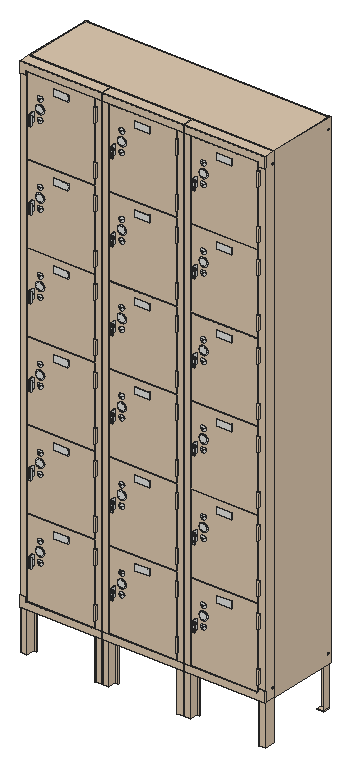
Revit family "Metal_Vented_Lockers-Salsbury_Industries-75000_76000_Series-3_Wide_Units", category Specialty Equipment, Revit 2022 (continued)
Nested families (in)
  nested 21: "Metal Locker Sloping Corner Filler" at (-19.1475, 1.8245, 77.71223), type <- "Sloping Top Corner Filler - Left Side", type "None"
  nested 22: "Vented Metal Locker Doors-12 inch with Latch Hasps" at (11.99976, -5.555, 7.09027), type <- "Door Location D1", type "Six Tier Door - 6 foot"
  nested 23: "Vented Metal Locker Doors-12 inch with Latch Hasps" at (-0.01383, -5.555, 7.09027), type <- "Door Location D1", type "Six Tier Door - 6 foot"
  nested 24: "Vented Metal Locker Doors-12 inch with Latch Hasps" at (-12.02717, -5.555, 7.09027), type <- "Door Location D1", type "Six Tier Door - 6 foot"
  nested 25: "Metal Locker Sloping Hood" at (4.595, 2.137, 78), type <- "Sloping Hood", type "None"
  nested 26: "Vented Metal Locker Doors-12 inch with Latch Hasps" at (11.99976, -5.555, 18.74776), type <- "Door Location D1", type "Six Tier Door - 6 foot"
  nested 27: "Vented Metal Locker Doors-12 inch with Latch Hasps" at (-0.01383, -5.555, 18.74776), type <- "Door Location D1", type "Six Tier Door - 6 foot"
  nested 28: "Vented Metal Locker Doors-12 inch with Latch Hasps" at (-12.02717, -5.555, 18.74776), type <- "Door Location D1", type "Six Tier Door - 6 foot"
  nested 29: "Vented Metal Locker Doors-12 inch with Latch Hasps" at (11.99976, -5.555, 30.40676), type <- "Door Location D1", type "Six Tier Door - 6 foot"
  nested 30: "Vented Metal Locker Doors-12 inch with Latch Hasps" at (-0.01383, -5.555, 30.40676), type <- "Door Location D1", type "Six Tier Door - 6 foot"
  nested 31: "Vented Metal Locker Doors-12 inch with Latch Hasps" at (-12.02717, -5.555, 30.40676), type <- "Door Location D1", type "Six Tier Door - 6 foot"
  nested 32: "Vented Metal Locker Doors-12 inch with Latch Hasps" at (11.99976, -5.555, 42.06376), type <- "Door Location D1", type "Six Tier Door - 6 foot"
  nested 33: "Vented Metal Locker Doors-12 inch with Latch Hasps" at (-0.01383, -5.555, 42.06376), type <- "Door Location D1", type "Six Tier Door - 6 foot"
  nested 34: "Vented Metal Locker Doors-12 inch with Latch Hasps" at (-12.02717, -5.555, 42.06376), type <- "Door Location D1", type "Six Tier Door - 6 foot"
  nested 35: "Vented Metal Locker Doors-12 inch with Latch Hasps" at (11.99976, -5.555, 53.72076), type <- "Door Location D1", type "Six Tier Door - 6 foot"
  nested 36: "Vented Metal Locker Doors-12 inch with Latch Hasps" at (-0.01383, -5.555, 53.72076), type <- "Door Location D1", type "Six Tier Door - 6 foot"
  nested 37: "Vented Metal Locker Doors-12 inch with Latch Hasps" at (-12.02717, -5.555, 53.72076), type <- "Door Location D1", type "Six Tier Door - 6 foot"
  nested 38: "Vented Metal Locker Doors-12 inch with Latch Hasps" at (11.99976, -5.555, 65.37776), type <- "Door Location D1", visible <- "Top Row of Doors", type "Six Tier Door - 6 foot"
  nested 39: "Vented Metal Locker Doors-12 inch with Latch Hasps" at (-0.01383, -5.555, 65.37776), type <- "Door Location D1", visible <- "Top Row of Doors", type "Six Tier Door - 6 foot"
  nested 40: "Vented Metal Locker Doors-12 inch with Latch Hasps" at (-12.02717, -5.555, 65.37776), type <- "Door Location D1", visible <- "Top Row of Doors", type "Six Tier Door - 6 foot"
  nested 41: "Vents" at (18.02, -2.385, 4.96051) x (0, 1, 0) z (0, 0, 1), type <- "Vent Configuration Height", type "6 foot high vents"
  nested 42: "Vents" at (18.02, -1.791, 5.80051) x (0, 1, 0) z (0, 0, 1), type <- "Vent Configuration Height", type "6 foot high vents"
  nested 43: "Vents" at (18.02, -1.198, 4.96051) x (0, 1, 0) z (0, 0, 1), type <- "Vent Configuration Height", type "6 foot high vents"
  nested 44: "Vents" at (18.02, -0.011, 4.96051) x (0, 1, 0) z (0, 0, 1), type <- "Vent Configuration Height", type "6 foot high vents"
  nested 45: "Vents" at (18.02, 1.176, 4.96051) x (0, 1, 0) z (0, 0, 1), type <- "Vent Configuration Height", type "6 foot high vents"
  nested 46: "Vents" at (18.02, 2.363, 4.96051) x (0, 1, 0) z (0, 0, 1), type <- "Vent Configuration Height", type "6 foot high vents"
  nested 47: "Vents" at (18.02, 3.55, 4.96051) x (0, 1, 0) z (0, 0, 1), type <- "Vent Configuration Height", type "6 foot high vents"
  nested 48: "Vents" at (18.02, -0.604, 5.80051) x (0, 1, 0) z (0, 0, 1), type <- "Vent Configuration Height", type "6 foot high vents"
  nested 49: "Vents" at (18.02, 0.583, 5.80051) x (0, 1, 0) z (0, 0, 1), type <- "Vent Configuration Height", type "6 foot high vents"
  nested 50: "Vents" at (18.02, 1.77, 5.80051) x (0, 1, 0) z (0, 0, 1), type <- "Vent Configuration Height", type "6 foot high vents"
  nested 51: "Vents" at (18.02, 2.957, 5.80051) x (0, 1, 0) z (0, 0, 1), type <- "Vent Configuration Height", type "6 foot high vents"
  nested 52: "Vents" at (-18.02, -2.385, 4.96051) x (0, 1, 0) z (0, 0, 1), type <- "Vent Configuration Height", type "6 foot high vents"
  nested 53: "Vents" at (-18.02, -1.791, 5.80051) x (0, 1, 0) z (0, 0, 1), type <- "Vent Configuration Height", type "6 foot high vents"
  nested 54: "Vents" at (-18.02, -1.198, 4.96051) x (0, 1, 0) z (0, 0, 1), type <- "Vent Configuration Height", type "6 foot high vents"
  nested 55: "Vents" at (-18.02, -0.011, 4.96051) x (0, 1, 0) z (0, 0, 1), type <- "Vent Configuration Height", type "6 foot high vents"
  nested 56: "Vents" at (-18.02, 1.176, 4.96051) x (0, 1, 0) z (0, 0, 1), type <- "Vent Configuration Height", type "6 foot high vents"
  nested 57: "Vents" at (-18.02, 2.363, 4.96051) x (0, 1, 0) z (0, 0, 1), type <- "Vent Configuration Height", type "6 foot high vents"
  nested 58: "Vents" at (-18.02, 3.55, 4.96051) x (0, 1, 0) z (0, 0, 1), type <- "Vent Configuration Height", type "6 foot high vents"
  nested 59: "Vents" at (-18.02, -0.604, 5.80051) x (0, 1, 0) z (0, 0, 1), type <- "Vent Configuration Height", type "6 foot high vents"
  nested 60: "Vents" at (-18.02, 0.583, 5.80051) x (0, 1, 0) z (0, 0, 1), type <- "Vent Configuration Height", type "6 foot high vents"
  nested 61: "Vents" at (-18.02, 1.77, 5.80051) x (0, 1, 0) z (0, 0, 1), type <- "Vent Configuration Height", type "6 foot high vents"
  nested 62: "Vents" at (-18.02, 2.957, 5.80051) x (0, 1, 0) z (0, 0, 1), type <- "Vent Configuration Height", type "6 foot high vents"
Definition of nested family "Metal Locker Legs - 3 Wide"
  Parameters (values of type "6" High - 45"W x 18"D")
    Width = 45.040"
    Visible = yes
    Version = "1.0 (11/30/15)"
    Type Comments = "Standard Metal Locker Legs"
    Primary Structure Material = none
    Model = "n/a"
    MasterFormat Title = ""
    MasterFormat Number = ""
    Manufacturer = "Salsbury Industries"
    Description = "45\"W x 6\" H x 18\"D"
    Depth = 18.010"
    Height = 6.000"
    Default Elevation = 0.000"
    Assembly Code = ""
  Types (6): name | Width | Visible | Type Comments | Description | Depth
    6" High - 36" W x 12" D | 36.040" | yes | "Standard Metal Locker Legs" | "36\"W x 6\" H x 12\"D" | 12.010"
    6" High - 36" W x 15" D | 36.040" | yes | "Standard Metal Locker Legs" | "36\"W x 6\" H x 15\"D" | 15.010"
    6" High - 36"W x 18"D | 36.040" | yes | "Standard Metal Locker Legs" | "36\"W x 6\" H x 18\"D" | 18.010"
    6" High - 45"W x 15"D | 45.040" | yes | "Standard Metal Locker Legs" | "45\"W x 6\" H x 15\"D" | 15.010"
    6" High - 45"W x 18"D | 45.040" | yes | "Standard Metal Locker Legs" | "45\"W x 6\" H x 18\"D" | 18.010"
    No Legs | 36.040" | no | "No Legs" | "" | 12.010"
  Reference planes (in)
    plane 1 "Center (Front/Back)": y = 0
    plane 2: z = 0
    plane 3 "Center (Left/Right)": x = 0
    plane 4 "Floor": z = 0
    plane 5 "Bottom of Unit": z = 6
    plane 6 "Left Side of Unit": x = -22.52
    plane 7 "Right Side of Unit": x = 22.52
    plane 8 "Back of Unit": y = 9.005
    plane 9 "Front of Unit": y = -9.005
    plane 10 "Right Side of Door Opening": x = 21.52
    plane 11 "Left Side of Door Opening": x = -21.52
    plane 12 "Top of back legs": z = 6.185
    plane 13 "Back Edge of Front Facing": y = -7.417
    plane 14 "Inside Edge of Front Leg": x = -21.08
    plane 15 "Inside Edge of Right Leg": x = 21.08
    plane 16: y = -7.82
    plane 17 "Back Edge of Rear Legs": y = 8.895
    plane 18 "Right Edge of Rear Right Leg": x = 22.4
    plane 19 "Left Edge or Rear Left Leg": x = -22.4
    plane 20: y = 7.895
    plane 21 "Inside Edge or Rear Right Leg": x = 21.4
    plane 22 "Inside Edge or Left Rear Leg": x = -21.4
    plane 23: x = 7.50667
    plane 24: x = -7.50667
  Forms (in)
    Extrusion 1, solid, material <- "Primary Structure Material", visible <- "Visible"
      sketch origin (0, 0, 0) x (0, -1, 0) y (1, 0, 0)
        loop
          line (7.417, 22.52) -> (7.417, 22.46) -> (8.945, 22.46) -> (8.945, 21.58) -> (7.76, 21.58) -> (7.76, 21.08) -> (7.82, 21.08) -> (7.82, 21.52) -> (9.005, 21.52) -> (9.005, 22.52) -> (7.417, 22.52)
      from 0 to 6
    Extrusion 2, solid, material <- "Primary Structure Material", visible <- "Visible"
      sketch origin (0, 0, 0) x (0, -1, 0) y (1, 0, 0)
        loop
          line (7.417, -22.52) -> (9.005, -22.52) -> (9.005, -21.52) -> (7.82, -21.52) -> (7.82, -21.08) -> (7.76, -21.08) -> (7.76, -21.58) -> (8.945, -21.58) -> (8.945, -22.46) -> (7.417, -22.46) -> (7.417, -22.52)
      from 0 to 6
    Extrusion 3, solid, material <- "Primary Structure Material", visible <- "Visible"
      sketch origin (0, 0, 0) x (0, -1, 0) y (1, 0, 0)
        loop
          line (-8.895, 22.4) -> (-8.895, 21.4) -> (-8.835, 21.4) -> (-8.835, 22.34) -> (-7.895, 22.34) -> (-7.895, 22.4) -> (-8.895, 22.4)
      from 0.06 to 6.185
    Extrusion 4, solid, material <- "Primary Structure Material", visible <- "Visible"
      sketch origin (0, 0, 0) x (0, -1, 0) y (1, 0, 0)
        loop
          line (-8.895, 22.4) -> (-8.895, 21.4) -> (-7.895, 21.4) -> (-7.895, 22.4) -> (-8.895, 22.4)
      from 0 to 0.06
    Extrusion 5, solid, material <- "Primary Structure Material", visible <- "Visible"
      sketch origin (0, 0, 0) x (0, -1, 0) y (1, 0, 0)
        loop
          line (-8.895, -22.4) -> (-7.895, -22.4) -> (-7.895, -22.34) -> (-8.835, -22.34) -> (-8.835, -21.4) -> (-8.895, -21.4) -> (-8.895, -22.4)
      from 0.06 to 6.185
    Extrusion 6, solid, material <- "Primary Structure Material", visible <- "Visible"
      sketch origin (0, 0, 0) x (0, -1, 0) y (1, 0, 0)
        loop
          line (-8.895, -22.4) -> (-7.895, -22.4) -> (-7.895, -21.4) -> (-8.895, -21.4) -> (-8.895, -22.4)
      from 0 to 0.06
    Extrusion 7, solid, material <- "Primary Structure Material", visible <- "Visible"
      sketch origin (12, 0, 0) x (0, -1, 0) y (1, 0, 0)
        loop
          line (7.417, -19.50667) -> (9.005, -19.50667) -> (9.005, -18.50667) -> (7.82, -18.50667) -> (7.82, -18.06667) -> (7.76, -18.06667) -> (7.76, -18.56667) -> (8.945, -18.56667) -> (8.945, -19.44667) -> (7.417, -19.44667) -> (7.417, -19.50667)
      from 0 to 6
    Extrusion 8, solid, material <- "Primary Structure Material", visible <- "Visible"
      sketch origin (24.04, 0, 0) x (0, -1, 0) y (1, 0, 0)
        loop
          line (7.417, -16.53333) -> (9.005, -16.53333) -> (9.005, -15.53333) -> (7.82, -15.53333) -> (7.82, -15.09333) -> (7.76, -15.09333) -> (7.76, -15.59333) -> (8.945, -15.59333) -> (8.945, -16.47333) -> (7.417, -16.47333) -> (7.417, -16.53333)
      from 0 to 6
    Extrusion 9, solid, material <- "Primary Structure Material", visible <- "Visible"
      sketch origin (-12, 0, 0) x (0, -1, 0) y (1, 0, 0)
        loop
          line (7.417, 19.50667) -> (7.417, 19.44667) -> (8.945, 19.44667) -> (8.945, 18.56667) -> (7.76, 18.56667) -> (7.76, 18.06667) -> (7.82, 18.06667) -> (7.82, 18.50667) -> (9.005, 18.50667) -> (9.005, 19.50667) -> (7.417, 19.50667)
      from 0 to 6
    Extrusion 10, solid, material <- "Primary Structure Material", visible <- "Visible"
      sketch origin (-24.04, 0, 0) x (0, -1, 0) y (1, 0, 0)
        loop
          line (7.417, 16.53333) -> (7.417, 16.47333) -> (8.945, 16.47333) -> (8.945, 15.59333) -> (7.76, 15.59333) -> (7.76, 15.09333) -> (7.82, 15.09333) -> (7.82, 15.53333) -> (9.005, 15.53333) -> (9.005, 16.53333) -> (7.417, 16.53333)
      from 0 to 6
  Dimensions and locks (in)
    equal spacing: plane 6 "Left Side of Unit", plane 3 "Center (Left/Right)", plane 7 "Right Side of Unit"
    "Width": plane 6 "Left Side of Unit" to plane 7 "Right Side of Unit"
    "Height": plane 5 "Bottom of Unit" to plane 4 "Floor"
    equal spacing: plane 9 "Front of Unit", plane 1 "Center (Front/Back)", plane 8 "Back of Unit"
    "Depth": plane 9 "Front of Unit" to plane 8 "Back of Unit"
    plane 12 "Top of back legs" to plane 5 "Bottom of Unit" = 0.185"
    plane 6 "Left Side of Unit" to plane 11 "Left Side of Door Opening" = 1.000"
    plane 10 "Right Side of Door Opening" to plane 7 "Right Side of Unit" = 1.000"
    locked: plane 9 "Front of Unit" to plane 13 "Back Edge of Front Facing" at 1.588
    plane 11 "Left Side of Door Opening" to plane 14 "Inside Edge of Front Leg" = 0.440"
    plane 15 "Inside Edge of Right Leg" to plane 10 "Right Side of Door Opening" = 0.440"
    plane 9 "Front of Unit" to plane 16 = 1.185"
    plane 15 "Inside Edge of Right Leg" to plane 21 "Inside Edge or Rear Right Leg" to plane 10 "Right Side of Door Opening" to plane 18 "Right Edge of Rear Right Leg" to plane 7 "Right Side of Unit" = 0.320", 0.120", 0.880", 0.120"
    plane 6 "Left Side of Unit" to plane 19 "Left Edge or Rear Left Leg" to plane 11 "Left Side of Door Opening" to plane 22 "Inside Edge or Left Rear Leg" to plane 14 "Inside Edge of Front Leg" = 0.120", 0.880", 0.120", 0.320"
    plane 20 to plane 17 "Back Edge of Rear Legs" to plane 8 "Back of Unit" = 1.000", 0.110"
    equal spacing: plane 6 "Left Side of Unit", plane 24, plane 23, plane 7 "Right Side of Unit"
    aligned and locked: level to plane 2
    aligned and locked: Extrusion 3 to Extrusion 4
    aligned and locked: Extrusion 6 to Extrusion 5
    aligned and locked: Extrusion 3 to plane 18 "Right Edge of Rear Right Leg"
    aligned and locked: Extrusion 3 to plane 17 "Back Edge of Rear Legs"
    aligned and locked: Extrusion 5 to plane 19 "Left Edge or Rear Left Leg"
    aligned and locked: plane 17 "Back Edge of Rear Legs" to Extrusion 5
    aligned and locked: plane 5 "Bottom of Unit" to Extrusion 2
    aligned and locked: Extrusion 1 to plane 5 "Bottom of Unit"
    aligned and locked: Extrusion 3 to plane 12 "Top of back legs"
    aligned and locked: plane 12 "Top of back legs" to Extrusion 5
  Automatic sketch dimensions
    plane 13 "Back Edge of Front Facing" to Extrusion 1 sketch curve = 0.000"
    Extrusion 1 sketch curve to plane 15 "Inside Edge of Right Leg" = 0.000"
    plane 16 to Extrusion 1 sketch curve = 0.000"
    Extrusion 1 sketch curve to plane 7 "Right Side of Unit" = 0.000"
    plane 9 "Front of Unit" to Extrusion 1 sketch curve = 0.000"
    Extrusion 1 sketch curve to plane 10 "Right Side of Door Opening" = 0.000"
    Extrusion 1 sketch curve to plane 16 = 0.060"
    Extrusion 1 sketch curve to plane 9 "Front of Unit" = 0.060"
    Extrusion 1 sketch curve to plane 10 "Right Side of Door Opening" = 0.060"
    plane 7 "Right Side of Unit" to Extrusion 1 sketch curve = 0.060"
    Extrusion 2 sketch curve to plane 13 "Back Edge of Front Facing" = 0.000"
    Extrusion 2 sketch curve to plane 14 "Inside Edge of Front Leg" = 0.000"
    Extrusion 2 sketch curve to plane 16 = 0.000"
    Extrusion 2 sketch curve to plane 6 "Left Side of Unit" = 0.000"
    Extrusion 2 sketch curve to plane 9 "Front of Unit" = 0.000"
    Extrusion 2 sketch curve to plane 11 "Left Side of Door Opening" = 0.000"
    plane 16 to Extrusion 2 sketch curve = 0.060"
    plane 9 "Front of Unit" to Extrusion 2 sketch curve = 0.060"
    Extrusion 2 sketch curve to plane 11 "Left Side of Door Opening" = 0.060"
    plane 6 "Left Side of Unit" to Extrusion 2 sketch curve = 0.060"
    plane 17 "Back Edge of Rear Legs" to Extrusion 3 sketch curve = 0.000"
    Extrusion 3 sketch curve to plane 21 "Inside Edge or Rear Right Leg" = 0.000"
    Extrusion 3 sketch curve to plane 18 "Right Edge of Rear Right Leg" = 0.000"
    plane 20 to Extrusion 3 sketch curve = 0.000"
    plane 17 "Back Edge of Rear Legs" to Extrusion 3 sketch curve = 0.060"
    plane 18 "Right Edge of Rear Right Leg" to Extrusion 3 sketch curve = 0.060"
    plane 17 "Back Edge of Rear Legs" to Extrusion 4 sketch curve = 0.000"
    Extrusion 4 sketch curve to plane 18 "Right Edge of Rear Right Leg" = 0.000"
    plane 20 to Extrusion 4 sketch curve = 0.000"
    Extrusion 4 sketch curve to plane 21 "Inside Edge or Rear Right Leg" = 0.000"
    Extrusion 5 sketch curve to plane 17 "Back Edge of Rear Legs" = 0.000"
    Extrusion 5 sketch curve to plane 22 "Inside Edge or Left Rear Leg" = 0.000"
    Extrusion 5 sketch curve to plane 19 "Left Edge or Rear Left Leg" = 0.000"
    Extrusion 5 sketch curve to plane 20 = 0.000"
    Extrusion 5 sketch curve to plane 17 "Back Edge of Rear Legs" = 0.060"
    Extrusion 5 sketch curve to plane 19 "Left Edge or Rear Left Leg" = 0.060"
    Extrusion 6 sketch curve to plane 17 "Back Edge of Rear Legs" = 0.000"
    Extrusion 6 sketch curve to plane 19 "Left Edge or Rear Left Leg" = 0.000"
    Extrusion 6 sketch curve to plane 20 = 0.000"
    Extrusion 6 sketch curve to plane 22 "Inside Edge or Left Rear Leg" = 0.000"
    plane 13 "Back Edge of Front Facing" to Extrusion 7 sketch curve = 0.000"
    plane 16 to Extrusion 7 sketch curve = 0.000"
    plane 9 "Front of Unit" to Extrusion 7 sketch curve = 0.000"
    Extrusion 7 sketch curve to plane 24 = 0.000"
    plane 16 to Extrusion 7 sketch curve = 0.060"
    plane 9 "Front of Unit" to Extrusion 7 sketch curve = 0.060"
    plane 24 to Extrusion 7 sketch curve = 0.060"
    plane 24 to Extrusion 7 sketch curve = 0.940"
    Extrusion 7 sketch curve to Extrusion 7 sketch curve = 0.060"
    Extrusion 7 sketch curve to Extrusion 7 sketch curve = 0.440"
    plane 13 "Back Edge of Front Facing" to Extrusion 8 sketch curve = 0.000"
    plane 16 to Extrusion 8 sketch curve = 0.000"
    plane 9 "Front of Unit" to Extrusion 8 sketch curve = 0.000"
    Extrusion 8 sketch curve to plane 23 = 0.000"
    plane 16 to Extrusion 8 sketch curve = 0.060"
    plane 9 "Front of Unit" to Extrusion 8 sketch curve = 0.060"
    plane 23 to Extrusion 8 sketch curve = 0.060"
    plane 23 to Extrusion 8 sketch curve = 0.940"
    Extrusion 8 sketch curve to Extrusion 8 sketch curve = 0.060"
    Extrusion 8 sketch curve to Extrusion 8 sketch curve = 0.440"
    plane 13 "Back Edge of Front Facing" to Extrusion 9 sketch curve = 0.000"
    plane 16 to Extrusion 9 sketch curve = 0.000"
    plane 9 "Front of Unit" to Extrusion 9 sketch curve = 0.000"
    Extrusion 9 sketch curve to plane 23 = 0.000"
    Extrusion 9 sketch curve to plane 16 = 0.060"
    Extrusion 9 sketch curve to plane 9 "Front of Unit" = 0.060"
    plane 23 to Extrusion 9 sketch curve = 0.060"
    plane 23 to Extrusion 9 sketch curve = 0.940"
    Extrusion 9 sketch curve to Extrusion 9 sketch curve = 0.060"
    Extrusion 9 sketch curve to Extrusion 9 sketch curve = 0.440"
    plane 13 "Back Edge of Front Facing" to Extrusion 10 sketch curve = 0.000"
    plane 16 to Extrusion 10 sketch curve = 0.000"
    plane 9 "Front of Unit" to Extrusion 10 sketch curve = 0.000"
    Extrusion 10 sketch curve to plane 24 = 0.000"
    Extrusion 10 sketch curve to plane 16 = 0.060"
    Extrusion 10 sketch curve to plane 9 "Front of Unit" = 0.060"
    plane 24 to Extrusion 10 sketch curve = 0.060"
    plane 24 to Extrusion 10 sketch curve = 0.940"
    Extrusion 10 sketch curve to Extrusion 10 sketch curve = 0.060"
    Extrusion 10 sketch curve to Extrusion 10 sketch curve = 0.440"
Definition of nested family "Vented Metal Locker Doors-12 inch with Latch Hasps"
  Parameters (values of type "Four Tier Door - 6 foot")
    Width = 9.901"
    Visible = yes
    Vent Array Spacing = 1.187"
    Vent Array 2 = if(Height = 17.360", 10, if(Height = 14.360", 8, if(Height = 11.532", 6, if(Height = 11.463", 6, 0))))  # 10
    Vent Array 1 = Vent Array 2  # 10
    Primary Structure Material = none
    Louver Set Vertical Alignment = 5.710"
    Number Plate Alignment = 0.9375"
    Louver Width = 4.000"
    Hinge 2 Placement = 14.142"
    Hinge 1 Placement = 1.125"
    Height = 17.360"
    Hasp Plate Rivet Material = none
    Hasp Height = 1.438"
    First Vent Placement = 2.875"
    Depth = 0.900"
    Default Elevation = 0.000"
  Types (4): name | Vent Array 2 | Vent Array 1 | Louver Set Vertical Alignment | Hinge 2 Placement | Height | First Vent Placement
    Six Tier Door - 6 foot | 6 | 6 | 2.731" | 8.449" | 11.532" | 2.3925"
    Five Tier Door - 5 foot | 6 | 6 | 2.826" | 8.188" | 11.463" | 2.3925"
    Four Tier Door - 6 foot | 10 | 10 | 5.710" | 14.142" | 17.360" | 2.875"
    Four Tier Door - 5 foot | 8 | 8 | 4.240" | 11.142" | 14.360" | 2.625"
  Reference planes (in)
    plane 1 "Center (Front/Back)": y = 0
    plane 2 "Bottom of Door": z = 0
    plane 3 "Center (Left/Right)": x = 0
    plane 4 "Center (Top/Bottom)": z = 8.68
    plane 5 "Top of Door": z = 17.36
    plane 6 "Right Side of Door": x = 4.9505
    plane 7 "Left Side of Door": x = -4.9505
    plane 8 "Front of Door": y = -0.45
    plane 9 "Back of Door": y = 0.45
    plane 10 "Top of Number Plate": z = 16.4225
    plane 11 "Top of Hasp Alignment": z = 9.399
    plane 12 "Bottom of Hasp Alignment": z = 7.961
    plane 13 "Left Side of Louvers": x = -2
    plane 14 "Right Side of Louvers": x = 2
    plane 15 "Front of Louvers": y = -0.6375
    plane 16: x = -1.094
    plane 17: x = 1.094
    plane 18: z = 15.4225
    plane 19 "Center Hasp": x = -1.7755
    plane 20 "Top of Hinge 2": z = 3.218
    plane 21 "Top of Hinge 1": z = 16.235
    plane 22 "Left Hasp Hole Align": x = -4.263
    plane 23 "Right Hasp Hole Align": x = -4.013
    plane 24 "Center Hasp Stud Align": z = 10.09841
    plane 25 "Top Hasp Stud Align": z = 11.51682
    plane 26 "Vertical Hasp Stud Align": x = -3.076
    plane 27 "Vertical Center Hasp Align": x = -4.13777
    plane 28: z = 2.875
    plane 29: z = 3.46558
    plane 30: z = 4.062
    plane 31: z = 4.65258
  Forms (in)
    Extrusion 1, solid, material <- "Primary Structure Material", visible <- "Visible"
      sketch origin (0, 0, 0) x (1, 0, 0) y (0, 0, 1)
        loop
          line (-4.9505, 17.36) -> (-4.9505, 0) -> (4.9505, 0) -> (4.9505, 17.36) -> (-4.9505, 17.36)
      from -0.45 to 0.45
    Extrusion 2, solid, material <- "Hasp Plate Rivet Material", visible <- "Visible", detail levels medium+fine
      sketch origin (0, -0.45, 0) x (1, 0, 0) y (0, 0, 1)
        loop
          arc (-1.06847, 16.38695) -> (-1.10166, 15.92421) -> (-1.06847, 15.46147) r 3.2426
          arc (-1.06847, 15.46147) -> (0, 15.42272) -> (1.06847, 15.46147) r 14.75
          arc (1.06847, 15.46147) -> (1.10166, 15.92421) -> (1.06847, 16.38695) r 3.2426
          arc (1.06847, 16.38695) -> (0, 16.41487) -> (-1.06847, 16.38695) r 20.45441
      from 0 to 0.03497
    Extrusion 3, void
      sketch origin (-1.7755, -0.13281, 0.04687) x (0, 0, -1) y (0, -1, 0)
        loop
          circle (-8.35677, -0.16411) r 0.2
      from -0.163 to 0.163
    Extrusion 4, solid, material <- "Primary Structure Material", visible <- "Visible", detail levels medium+fine
      sketch origin (0, 0, 16.235) x (0, -1, 0) y (1, 0, 0)
        loop
          line (0.45, 4.9505) -> (0.575, 4.9505)
          arc (0.575, 4.9505) -> (0.7, 5.0755) -> (0.575, 5.2005) r 0.125
          line (0.575, 5.2005) -> (0.45, 5.2005) -> (0.45, 4.9505)
      from 0 to -2
    Extrusion 5, solid, material <- "Primary Structure Material", visible <- "Visible", detail levels medium+fine
      sketch origin (0, 0, 3.218) x (0, -1, 0) y (1, 0, 0)
        loop
          line (0.45, 4.9505) -> (0.575, 4.9505)
          arc (0.575, 4.9505) -> (0.7, 5.0755) -> (0.575, 5.2005) r 0.125
          line (0.575, 5.2005) -> (0.45, 5.2005) -> (0.45, 4.9505)
      from 0 to -2
    Extrusion 6, void
      sketch origin (0, -0.45, 0) x (1, 0, 0) y (0, 0, 1)
        loop
          line (-4.263, 9.399) -> (-4.263, 7.961) -> (-4.013, 7.961) -> (-4.013, 9.399) -> (-4.263, 9.399)
      from -0.9 to 0
    Blend 7, solid, material <- "Hasp Plate Rivet Material", visible <- "Visible", detail levels fine
      base sketch origin (0, -0.45, 0) x (1, 0, 0) y (0, 0, 1)
        loop
          circle (-3.076, 8.68) r 0.375
      top sketch origin (0, -0.45, 0) x (1, 0, 0) y (0, 0, 1)
        loop
          circle (-3.076, 8.68) r 0.09706
      from 0 to 0.03497
    Blend 8, solid, material <- "Hasp Plate Rivet Material", visible <- "Visible", detail levels fine
      base sketch origin (0, -0.45, 2.83682) x (1, 0, 0) y (0, 0, 1)
        loop
          circle (-3.076, 8.68) r 0.375
      top sketch origin (0, -0.45, 2.83682) x (1, 0, 0) y (0, 0, 1)
        loop
          circle (-3.076, 8.68) r 0.09706
      from 0 to 0.03497
    Blend 9, solid, material <- "Hasp Plate Rivet Material", visible <- "Visible", detail levels fine
      base sketch origin (0, -0.45, -0.16841) x (1, 0, 0) y (0, 0, 1)
        loop
          circle (-3.076, 10.26682) r 0.625
      top sketch origin (0, -0.45, -0.16841) x (1, 0, 0) y (0, 0, 1)
        loop
          circle (-3.076, 10.26682) r 0.58088
      from 0 to 0.03497
    Extrusion 10, solid, material <- "Hasp Plate Rivet Material", visible <- "Visible", detail levels fine
      sketch origin (0, 0, 7.961) x (0, -1, 0) y (1, 0, 0)
        loop
          line (-0.45, -4.07527) -> (-0.45, -4.13777) -> (1.2, -4.13777)
          arc (1.2, -4.13777) -> (1.24419, -4.11946) -> (1.2625, -4.07527) r 0.0625
          line (1.2625, -4.07527) -> (1.2625, -3.76277) -> (1.20579, -3.76277) -> (1.20579, -4.0127)
          arc (1.20579, -4.0127) -> (1.18746, -4.05694) -> (1.14322, -4.07527) r 0.06257
          line (1.14322, -4.07527) -> (-0.45, -4.07527)
      from 0 to 1.438
    Extrusion 11, solid, material <- "Hasp Plate Rivet Material", visible <- "Visible", detail levels fine
      sketch origin (0, 0, 7.961) x (0, -1, 0) y (1, 0, 0)
        loop
          line (-0.45, -4.20027) -> (1.2625, -4.20027) -> (1.2625, -4.13777) -> (-0.45, -4.13777) -> (-0.45, -4.20027)
      from 0 to 1.438
    Extrusion 12, void
      sketch origin (-4.013, 0, 0) x (0, 0, -1) y (0, -1, 0)
        loop
          circle (-8.68, 0.82219) r 0.375
      from 0 to 0.25
  Cuts and joins
    Extrusion 3, Extrusion 6 cuts Extrusion 1
    Extrusion 12 cuts Extrusion 10
    Extrusion 12 cuts Extrusion 11
  Lines and regions (in)
    symbolic lines
      curve 1: line (-4.20027, -0.44719, 7.961) -> (-4.20027, -1.2625, 7.961)
      curve 2: line (-4.20027, -1.2625, 7.961) -> (-4.13777, -1.2625, 7.961)
      curve 3: line (-4.13777, -1.2625, 7.961) -> (-4.13777, -0.45, 7.961)
      curve 4: line (-4.07527, -0.44719, 7.961) -> (-4.07527, -1.14322, 7.961)
      curve 5: line (-4.0127, -1.20579, 7.961) -> (-3.76277, -1.20579, 7.961)
      curve 6: line (-3.76277, -1.20579, 7.961) -> (-3.76277, -1.2625, 7.961)
      curve 7: line (-3.76277, -1.2625, 7.961) -> (-4.07527, -1.2625, 7.961)
      curve 8: arc (-4.07527, -1.14322, 7.961) -> (-4.05694, -1.18746, 7.961) -> (-4.0127, -1.20579, 7.961) r 0.06257
      curve 9: arc (-4.07527, -1.2625, 7.961) -> (-4.11946, -1.24419, 7.961) -> (-4.13777, -1.2, 7.961) r 0.0625
      curve 10: line (-4.013, -0.45, 9.40058) -> (-4.013, -1.26256, 9.40058)
      curve 11: line (-4.013, -1.26256, 9.40058) -> (-4.013, -1.26256, 7.9612)
      curve 12: line (-4.013, -1.26256, 7.9612) -> (-4.013, -0.45309, 7.9612)
      curve 13: line (-4.263, -0.45, 9.399) -> (-4.20027, -0.45, 9.399)
      curve 14: line (-4.263, -0.45, 7.961) -> (-4.263, -0.45, 9.399)
      curve 15: line (-4.20027, -0.45, 7.961) -> (-4.263, -0.45, 7.961)
      curve 16: line (-4.20027, -0.45, 9.399) -> (-4.20027, -0.45, 7.961)
      curve 17: line (-4.20027, -0.45, 9.399) -> (-3.76277, -0.45, 9.399)
      curve 18: line (-4.20027, -0.45, 7.961) -> (-3.76277, -0.45, 7.961)
      curve 19: line (-3.76277, -0.45, 9.399) -> (-3.76277, -0.45, 7.961)
      curve 20: circle (-3.076, -0.45, 11.51682) r 0.371 normal (0, -1, 0)
      curve 21: circle (-3.076, -0.45, 8.68) r 0.375 normal (0, -1, 0)
      curve 22: circle (-3.076, -0.45, 10.09841) r 0.62368 normal (0, -1, 0)
      curve 23: line (-4.9505, -0.45, 17.36) -> (4.9505, -0.45, 17.36)
      curve 24: line (-4.9505, -0.45, 0) -> (-4.9505, -0.45, 17.36)
      curve 25: line (4.9505, -0.45, 0) -> (-4.9505, -0.45, 0)
      curve 26: line (4.9505, -0.45, 17.36) -> (4.9505, -0.45, 0)
  Dimensions and locks (in)
    equal spacing: plane 5 "Top of Door", plane 4 "Center (Top/Bottom)", plane 2 "Bottom of Door"
    "Height": plane 5 "Top of Door" to plane 2 "Bottom of Door"
    equal spacing: plane 8 "Front of Door", plane 1 "Center (Front/Back)", plane 9 "Back of Door"
    "Depth": plane 8 "Front of Door" to plane 9 "Back of Door"
    equal spacing: plane 7 "Left Side of Door", plane 3 "Center (Left/Right)", plane 6 "Right Side of Door"
    "Width": plane 7 "Left Side of Door" to plane 6 "Right Side of Door"
    "Number Plate Alignment": plane 5 "Top of Door" to plane 10 "Top of Number Plate" to plane 18
    equal spacing: plane 13 "Left Side of Louvers", plane 3 "Center (Left/Right)", plane 14 "Right Side of Louvers"
    "Louver Width": plane 13 "Left Side of Louvers" to plane 14 "Right Side of Louvers"
    plane 25 "Top Hasp Stud Align" to plane 24 "Center Hasp Stud Align" to plane 11 "Top of Hasp Alignment" to plane 4 "Center (Top/Bottom)" to plane 12 "Bottom of Hasp Alignment" = 1.41841", 0.69941", 0.719", 0.719"
    "Hasp Height": plane 11 "Top of Hasp Alignment" to plane 12 "Bottom of Hasp Alignment"
    locked: plane 15 "Front of Louvers" to plane 8 "Front of Door" at 0.1875
    plane 16 to plane 3 "Center (Left/Right)" to plane 17 = 1.094" locked, 1.094" locked
    "Hinge 1 Placement": plane 5 "Top of Door" to plane 21 "Top of Hinge 1"
    "Hinge 2 Placement": plane 5 "Top of Door" to plane 20 "Top of Hinge 2"
    plane 7 "Left Side of Door" to plane 22 "Left Hasp Hole Align" to plane 23 "Right Hasp Hole Align" to plane 26 "Vertical Hasp Stud Align" = 0.6875" locked, 0.250" locked, 0.937" locked
    equal spacing: group 1, group 2, group 3, group 4, group 5, group 6, group 13, group 14, group 15, group 16  (x3)
    equal spacing: group 7, group 8, group 9, group 10, group 11, group 12, group 17, group 18, group 19, group 20  (x3)
    "Vent Array Spacing": plane 30 to plane 28
    "First Vent Placement": plane 28 to plane 2 "Bottom of Door"
    "Vent Array Spacing": plane 31 to plane 29
    locked: plane 29 to plane 28 at 0.59058
    aligned and locked: level to plane 2 "Bottom of Door"
    aligned and locked: plane 5 "Top of Door" to Extrusion 1 sketch curve
    aligned and locked: Extrusion 1 sketch curve to plane 7 "Left Side of Door"
    aligned and locked: plane 2 "Bottom of Door" to Extrusion 1 sketch curve
    aligned and locked: plane 6 "Right Side of Door" to Extrusion 1 sketch curve
    aligned and locked: plane 11 "Top of Hasp Alignment" to Extrusion 6 sketch curve
    aligned and locked: Extrusion 6 sketch curve to plane 22 "Left Hasp Hole Align"
    aligned and locked: Extrusion 6 sketch curve to plane 12 "Bottom of Hasp Alignment"
    aligned and locked: plane 23 "Right Hasp Hole Align" to Extrusion 6 sketch curve
    aligned and locked: plane 25 "Top Hasp Stud Align" to Blend 8 sketch curve  (x2)
    aligned and locked: plane 4 "Center (Top/Bottom)" to Blend 7 sketch curve  (x2)
    aligned and locked: plane 24 "Center Hasp Stud Align" to Blend 9 sketch curve  (x2)
    aligned and locked: plane 27 "Vertical Center Hasp Align" to Extrusion 11 sketch curve
    aligned and locked: plane 27 "Vertical Center Hasp Align" to Extrusion 10 sketch curve
    aligned and locked: plane 4 "Center (Top/Bottom)" to Extrusion 12 sketch curve
    aligned and locked: plane 3 "Center (Left/Right)" to nested 1
    aligned and locked: plane 28 to nested 2
    aligned and locked: plane 29 to nested 1
    aligned and locked: plane 30 to nested 3
    aligned and locked: plane 31 to nested 8
    aligned and locked: curve 1 to cut or joined group of Extrusion 11, Extrusion 12
    aligned and locked: curve 2 to cut or joined group of Extrusion 11, Extrusion 12
    aligned and locked: curve 3 to cut or joined group of Extrusion 11, Extrusion 12
    aligned and locked: cut or joined group of Extrusion 10, Extrusion 12 to curve 4
    aligned and locked: curve 5 to cut or joined group of Extrusion 10, Extrusion 12
    aligned and locked: curve 6 to cut or joined group of Extrusion 10, Extrusion 12
    aligned and locked: curve 7 to cut or joined group of Extrusion 10, Extrusion 12
    aligned and locked: curve 10 to nested 12  (x2)
    aligned and locked: curve 13 to cut or joined group of Extrusion 1, Extrusion 3, Extrusion 6
    aligned and locked: curve 14 to cut or joined group of Extrusion 1, Extrusion 3, Extrusion 6
    aligned and locked: cut or joined group of Extrusion 11, Extrusion 12 to curve 15
    aligned and locked: curve 16 to cut or joined group of Extrusion 11, Extrusion 12
    aligned and locked: curve 13 to curve 17
    aligned and locked: curve 19 to cut or joined group of Extrusion 10, Extrusion 12
    aligned and locked: curve 23 to cut or joined group of Extrusion 1, Extrusion 3, Extrusion 6
    aligned and locked: curve 25 to cut or joined group of Extrusion 1, Extrusion 3, Extrusion 6
    aligned and locked: curve 26 to cut or joined group of Extrusion 1, Extrusion 3, Extrusion 6
  Automatic sketch dimensions
    Extrusion 2 sketch curve to plane 3 "Center (Left/Right)" = 0.000"  (x2)
    plane 13 "Left Side of Louvers" to Extrusion 2 sketch curve = 0.14094"
    Extrusion 2 sketch curve to plane 14 "Right Side of Louvers" = 0.14094"
    Extrusion 2 sketch curve to level = 4.03954"
    plane 21 "Top of Hinge 1" to Extrusion 2 sketch curve = 0.31079"  (x2)
    Extrusion 2 sketch curve to plane 5 "Top of Door" = 12.81272"
    Extrusion 2 sketch curve to plane 16 = 0.02553"  (x2)
    plane 17 to Extrusion 2 sketch curve = 0.02553"
    Extrusion 2 sketch curve to plane 18 = 0.03897"
    Extrusion 3 sketch curve to plane 1 "Center (Front/Back)" = 0.0313"
    Extrusion 4 sketch curve to plane 6 "Right Side of Door" = 0.000"
    plane 8 "Front of Door" to Extrusion 4 sketch curve = 0.000"
    Extrusion 4 sketch curve to plane 15 "Front of Louvers" = 0.0625"
    Extrusion 4 sketch curve to plane 6 "Right Side of Door" = 0.125"
    Extrusion 5 sketch curve to plane 6 "Right Side of Door" = 0.000"
    plane 8 "Front of Door" to Extrusion 5 sketch curve = 0.000"
    Extrusion 5 sketch curve to plane 15 "Front of Louvers" = 0.0625"
    Extrusion 5 sketch curve to plane 6 "Right Side of Door" = 0.125"
    plane 26 "Vertical Hasp Stud Align" to Blend 7 sketch curve = 0.000"  (x2)
    plane 26 "Vertical Hasp Stud Align" to Blend 8 sketch curve = 0.000"  (x2)
    plane 26 "Vertical Hasp Stud Align" to Blend 9 sketch curve = 0.000"  (x2)
    Extrusion 10 sketch curve to plane 1 "Center (Front/Back)" = 0.450"
    plane 23 "Right Hasp Hole Align" to Extrusion 10 sketch curve = 0.06227"
    Extrusion 10 sketch curve to plane 23 "Right Hasp Hole Align" = 0.0003"
    plane 15 "Front of Louvers" to Extrusion 10 sketch curve = 0.50572"
    Extrusion 10 sketch curve to Extrusion 10 sketch curve = 0.05678"
    Extrusion 10 sketch curve to Extrusion 10 sketch curve = 0.24993"
    plane 9 "Back of Door" to Extrusion 11 sketch curve = 0.000"
    plane 15 "Front of Louvers" to Extrusion 11 sketch curve = 0.625"
    Extrusion 11 sketch curve to plane 22 "Left Hasp Hole Align" = 0.06273"
    Extrusion 10 sketch curve to Extrusion 10 sketch curve = 0.06257"
    plane 15 "Front of Louvers" to Extrusion 12 sketch curve = 0.18469"
    plane 4 "Center (Top/Bottom)" to Extrusion 3 sketch curve = 0.27635"
    plane 8 "Front of Door" to curve 3 = 0.000"
    curve 8 to plane 23 "Right Hasp Hole Align" = 0.0003"
    curve 9 to curve 4 = 0.000"
    curve 1 to plane 8 "Front of Door" = 0.00281"
    curve 4 to plane 8 "Front of Door" = 0.00281"
    plane 15 "Front of Louvers" to curve 11 = 0.62506"
    curve 12 to plane 12 "Bottom of Hasp Alignment" = 0.0002"
    plane 8 "Front of Door" to curve 12 = 0.00309"
    plane 7 "Left Side of Door" to curve 24 = 0.000"
    curve 22 to plane 24 "Center Hasp Stud Align" = 0.000"
    plane 26 "Vertical Hasp Stud Align" to curve 22 = 0.000"
    curve 21 to plane 4 "Center (Top/Bottom)" = 0.000"
    plane 26 "Vertical Hasp Stud Align" to curve 21 = 0.000"
    curve 20 to plane 25 "Top Hasp Stud Align" = 0.000"
    plane 26 "Vertical Hasp Stud Align" to curve 20 = 0.000"
    radius of Extrusion 3 sketch curve = 0.200"
    radius of Blend 7 sketch curve = 0.375"
    radius of Blend 7 sketch curve = 0.09706"
    radius of Blend 8 sketch curve = 0.375"
    radius of Blend 8 sketch curve = 0.09706"
    radius of Blend 9 sketch curve = 0.625"
    radius of Blend 9 sketch curve = 0.58088"
    radius of Extrusion 12 sketch curve = 0.375"
    radius of curve 20 = 0.371"
    radius of curve 21 = 0.375"
    radius of curve 22 = 0.62368"
  Nested families (in)
    nested 1: "Vents - Horizontal 3" at (0, -0.45, -61.80738), type "Vents - Horizontal 3"
    nested 2: "Vents - Horizontal 2" at (2.6043, -0.45, -60.66388), type "Vents - Horizontal 2"
    nested 3: "Vents - Horizontal 2" at (2.6043, -0.45, -59.47688), type "Vents - Horizontal 2"
    nested 4: "Vents - Horizontal 2" at (2.6043, -0.45, -58.28988), type "Vents - Horizontal 2"
    nested 5: "Vents - Horizontal 2" at (2.6043, -0.45, -57.10288), type "Vents - Horizontal 2"
    nested 6: "Vents - Horizontal 2" at (2.6043, -0.45, -55.91588), type "Vents - Horizontal 2"
    nested 7: "Vents - Horizontal 2" at (2.6043, -0.45, -54.72888), type "Vents - Horizontal 2"
    nested 8: "Vents - Horizontal 3" at (0, -0.45, -60.62038), type "Vents - Horizontal 3"
    nested 9: "Vents - Horizontal 3" at (0, -0.45, -59.43338), type "Vents - Horizontal 3"
    nested 10: "Vents - Horizontal 3" at (0, -0.45, -58.24638), type "Vents - Horizontal 3"
    nested 11: "Vents - Horizontal 3" at (0, -0.45, -57.05938), type "Vents - Horizontal 3"
    nested 12: "Vents - Horizontal 3" at (0, -0.45, -55.87238), type "Vents - Horizontal 3"
    nested 13: "Vents - Horizontal 2" at (2.6043, -0.45, -53.54188), type "Vents - Horizontal 2"
    nested 14: "Vents - Horizontal 2" at (2.6043, -0.45, -52.35488), type "Vents - Horizontal 2"
    nested 15: "Vents - Horizontal 2" at (2.6043, -0.45, -51.16788), type "Vents - Horizontal 2"
    nested 16: "Vents - Horizontal 2" at (2.6043, -0.45, -49.98088), type "Vents - Horizontal 2"
    nested 17: "Vents - Horizontal 3" at (0, -0.45, -54.68538), type "Vents - Horizontal 3"
    nested 18: "Vents - Horizontal 3" at (0, -0.45, -53.49838), type "Vents - Horizontal 3"
    nested 19: "Vents - Horizontal 3" at (0, -0.45, -52.31138), type "Vents - Horizontal 3"
    nested 20: "Vents - Horizontal 3" at (0, -0.45, -51.12438), type "Vents - Horizontal 3"
  Definition of nested family "Vents - Horizontal 3"
    Parameters (values of type "Vents - Horizontal 3")
      Default Elevation = 0.000"
    Reference planes (in)
      plane 1 "Center (Front/Back)": y = 0
      plane 2: z = 0
      plane 3 "Center (Left/Right)": x = 0
    Lines and regions (in)
      model lines
        curve 1: spline (1.08625, 0, 65.3981) -> (1.05712, 0, 65.3804) -> (1.03269, 0, 65.36106) -> (1.01334, 0, 65.34039) -> (0.99936, 0, 65.31871) -> (0.99096, 0, 65.29635) -> (0.98829, 0, 65.27365) -> (0.99137, 0, 65.25097) -> (1.00016, 0, 65.22864) -> (1.01452, 0, 65.20702) -> (1.03424, 0, 65.18644) -> (1.05902, 0, 65.16721) -> (1.08846, 0, 65.14963)
        curve 2: line (1.08625, 0, 65.3981) -> (1.73835, 0, 65.64972)
        curve 3: line (1.08846, 0, 65.14963) -> (1.73762, 0, 64.89923)
        curve 4: spline (2.39008, 0, 65.39825) -> (2.41937, 0, 65.38053) -> (2.44394, 0, 65.36117) -> (2.46341, 0, 65.34048) -> (2.47747, 0, 65.31876) -> (2.48591, 0, 65.29637) -> (2.4886, 0, 65.27363) -> (2.4855, 0, 65.25091) -> (2.47665, 0, 65.22855) -> (2.46219, 0, 65.2069) -> (2.44234, 0, 65.18629) -> (2.41742, 0, 65.16704) -> (2.3878, 0, 65.14945)
        curve 5: line (2.39008, 0, 65.39825) -> (1.73835, 0, 65.64972)
        curve 6: line (2.3878, 0, 65.14945) -> (1.73762, 0, 64.89923)
        curve 13: spline (-0.65075, 0, 65.3981) -> (-0.67988, 0, 65.3804) -> (-0.70431, 0, 65.36106) -> (-0.72366, 0, 65.34039) -> (-0.73764, 0, 65.31871) -> (-0.74604, 0, 65.29635) -> (-0.74871, 0, 65.27365) -> (-0.74563, 0, 65.25097) -> (-0.73684, 0, 65.22864) -> (-0.72248, 0, 65.20702) -> (-0.70276, 0, 65.18644) -> (-0.67798, 0, 65.16721) -> (-0.64854, 0, 65.14963)
        curve 14: line (-0.65075, 0, 65.3981) -> (0.00135, 0, 65.64972)
        curve 15: line (-0.64854, 0, 65.14963) -> (0.00062, 0, 64.89923)
        curve 16: spline (0.65308, 0, 65.39825) -> (0.68237, 0, 65.38053) -> (0.70694, 0, 65.36117) -> (0.72641, 0, 65.34048) -> (0.74047, 0, 65.31876) -> (0.74891, 0, 65.29637) -> (0.7516, 0, 65.27363) -> (0.7485, 0, 65.25091) -> (0.73965, 0, 65.22855) -> (0.72519, 0, 65.2069) -> (0.70534, 0, 65.18629) -> (0.68042, 0, 65.16704) -> (0.6508, 0, 65.14945)
        curve 17: line (0.65308, 0, 65.39825) -> (0.00135, 0, 65.64972)
        curve 18: line (0.6508, 0, 65.14945) -> (0.00062, 0, 64.89923)
        curve 19: spline (-2.38775, 0, 65.3981) -> (-2.41688, 0, 65.3804) -> (-2.44131, 0, 65.36106) -> (-2.46066, 0, 65.34039) -> (-2.47464, 0, 65.31871) -> (-2.48304, 0, 65.29635) -> (-2.48571, 0, 65.27365) -> (-2.48263, 0, 65.25097) -> (-2.47384, 0, 65.22864) -> (-2.45948, 0, 65.20702) -> (-2.43976, 0, 65.18644) -> (-2.41498, 0, 65.16721) -> (-2.38554, 0, 65.14963)
        curve 20: line (-2.38775, 0, 65.3981) -> (-1.73565, 0, 65.64972)
        curve 21: line (-2.38554, 0, 65.14963) -> (-1.73638, 0, 64.89923)
        curve 22: spline (-1.08392, 0, 65.39825) -> (-1.05463, 0, 65.38053) -> (-1.03006, 0, 65.36117) -> (-1.01059, 0, 65.34048) -> (-0.99653, 0, 65.31876) -> (-0.98809, 0, 65.29637) -> (-0.9854, 0, 65.27363) -> (-0.9885, 0, 65.25091) -> (-0.99735, 0, 65.22855) -> (-1.01181, 0, 65.2069) -> (-1.03166, 0, 65.18629) -> (-1.05658, 0, 65.16704) -> (-1.0862, 0, 65.14945)
        curve 23: line (-1.08392, 0, 65.39825) -> (-1.73565, 0, 65.64972)
        curve 24: line (-1.0862, 0, 65.14945) -> (-1.73638, 0, 64.89923)
      model lines, not visible
        curve 7: spline (6.02, -6.45464, 72.16015) -> (6.02, -6.43694, 72.13102) -> (6.02, -6.4176, 72.10659) -> (6.02, -6.39694, 72.08724) -> (6.02, -6.37525, 72.07326) -> (6.02, -6.35289, 72.06486) -> (6.02, -6.33019, 72.06219) -> (6.02, -6.30751, 72.06527) -> (6.02, -6.28518, 72.07406) -> (6.02, -6.26356, 72.08842) -> (6.02, -6.24298, 72.10814) -> (6.02, -6.22375, 72.13292) -> (6.02, -6.20617, 72.16236)
        curve 8: line (6.02, -6.45464, 72.16015) -> (6.02, -6.70626, 72.81225)
        curve 9: line (6.02, -6.20617, 72.16236) -> (6.02, -5.95577, 72.81152)
        curve 10: spline (6.02, -6.45479, 73.46398) -> (6.02, -6.43707, 73.49327) -> (6.02, -6.41771, 73.51784) -> (6.02, -6.39702, 73.53731) -> (6.02, -6.3753, 73.55137) -> (6.02, -6.35291, 73.55981) -> (6.02, -6.33017, 73.5625) -> (6.02, -6.30745, 73.5594) -> (6.02, -6.28509, 73.55055) -> (6.02, -6.26344, 73.53609) -> (6.02, -6.24283, 73.51624) -> (6.02, -6.22359, 73.49132) -> (6.02, -6.20599, 73.4617)
        curve 11: line (6.02, -6.45479, 73.46398) -> (6.02, -6.70626, 72.81225)
        curve 12: line (6.02, -6.20599, 73.4617) -> (6.02, -5.95577, 72.81152)
      reference lines
        curve 25: line (-2.54644, 0, 65.27296) -> (2.54933, 0, 65.27296)
    Dimensions and locks (in)
      equal spacing: group 4, group 3, group 2  (x2)
      equal spacing: group 2, group 3, group 4
      aligned and locked: level to plane 2
  Definition of nested family "Vents - Horizontal 2"
    Parameters (values of type "Vents - Horizontal 2")
      Default Elevation = 0.000"
    Reference planes (in)
      plane 1 "Center (Front/Back)": y = 0
      plane 2: z = 0
      plane 3 "Center (Left/Right)": x = 0
    Lines and regions (in)
      model lines
        curve 1: spline (-2.82036, 0, 63.41385) -> (-2.79123, 0, 63.43156) -> (-2.7668, 0, 63.45089) -> (-2.74745, 0, 63.47156) -> (-2.73347, 0, 63.49324) -> (-2.72507, 0, 63.5156) -> (-2.72239, 0, 63.5383) -> (-2.72547, 0, 63.56099) -> (-2.73427, 0, 63.58331) -> (-2.74863, 0, 63.60493) -> (-2.76835, 0, 63.62552) -> (-2.79312, 0, 63.64475) -> (-2.82257, 0, 63.66233)
        curve 2: line (-2.82036, 0, 63.41385) -> (-3.47246, 0, 63.16223)
        curve 3: line (-2.82257, 0, 63.66233) -> (-3.47173, 0, 63.91272)
        curve 4: spline (-4.12419, 0, 63.41371) -> (-4.15348, 0, 63.43143) -> (-4.17805, 0, 63.45078) -> (-4.19752, 0, 63.47148) -> (-4.21158, 0, 63.49319) -> (-4.22002, 0, 63.51559) -> (-4.22271, 0, 63.53832) -> (-4.21961, 0, 63.56104) -> (-4.21076, 0, 63.5834) -> (-4.1963, 0, 63.60505) -> (-4.17645, 0, 63.62566) -> (-4.15153, 0, 63.64491) -> (-4.12191, 0, 63.6625)
        curve 5: line (-4.12419, 0, 63.41371) -> (-3.47246, 0, 63.16223)
        curve 6: line (-4.12191, 0, 63.6625) -> (-3.47173, 0, 63.91272)
        curve 13: spline (-1.08336, 0, 63.41385) -> (-1.05423, 0, 63.43156) -> (-1.0298, 0, 63.45089) -> (-1.01045, 0, 63.47156) -> (-0.99647, 0, 63.49324) -> (-0.98807, 0, 63.5156) -> (-0.98539, 0, 63.5383) -> (-0.98847, 0, 63.56099) -> (-0.99727, 0, 63.58331) -> (-1.01163, 0, 63.60493) -> (-1.03135, 0, 63.62552) -> (-1.05612, 0, 63.64475) -> (-1.08557, 0, 63.66233)
        curve 14: line (-1.08336, 0, 63.41385) -> (-1.73546, 0, 63.16223)
        curve 15: line (-1.08557, 0, 63.66233) -> (-1.73473, 0, 63.91272)
        curve 16: spline (-2.38719, 0, 63.41371) -> (-2.41648, 0, 63.43143) -> (-2.44105, 0, 63.45078) -> (-2.46052, 0, 63.47148) -> (-2.47458, 0, 63.49319) -> (-2.48302, 0, 63.51559) -> (-2.48571, 0, 63.53832) -> (-2.48261, 0, 63.56104) -> (-2.47376, 0, 63.5834) -> (-2.4593, 0, 63.60505) -> (-2.43945, 0, 63.62566) -> (-2.41453, 0, 63.64491) -> (-2.38491, 0, 63.6625)
        curve 17: line (-2.38719, 0, 63.41371) -> (-1.73546, 0, 63.16223)
        curve 18: line (-2.38491, 0, 63.6625) -> (-1.73473, 0, 63.91272)
      model lines, not visible
        curve 7: spline (6.02, -6.45464, 72.16015) -> (6.02, -6.43694, 72.13102) -> (6.02, -6.4176, 72.10659) -> (6.02, -6.39694, 72.08724) -> (6.02, -6.37525, 72.07326) -> (6.02, -6.35289, 72.06486) -> (6.02, -6.33019, 72.06219) -> (6.02, -6.30751, 72.06527) -> (6.02, -6.28518, 72.07406) -> (6.02, -6.26356, 72.08842) -> (6.02, -6.24298, 72.10814) -> (6.02, -6.22375, 72.13292) -> (6.02, -6.20617, 72.16236)
        curve 8: line (6.02, -6.45464, 72.16015) -> (6.02, -6.70626, 72.81225)
        curve 9: line (6.02, -6.20617, 72.16236) -> (6.02, -5.95577, 72.81152)
        curve 10: spline (6.02, -6.45479, 73.46398) -> (6.02, -6.43707, 73.49327) -> (6.02, -6.41771, 73.51784) -> (6.02, -6.39702, 73.53731) -> (6.02, -6.3753, 73.55137) -> (6.02, -6.35291, 73.55981) -> (6.02, -6.33017, 73.5625) -> (6.02, -6.30745, 73.5594) -> (6.02, -6.28509, 73.55055) -> (6.02, -6.26344, 73.53609) -> (6.02, -6.24283, 73.51624) -> (6.02, -6.22359, 73.49132) -> (6.02, -6.20599, 73.4617)
        curve 11: line (6.02, -6.45479, 73.46398) -> (6.02, -6.70626, 72.81225)
        curve 12: line (6.02, -6.20599, 73.4617) -> (6.02, -5.95577, 72.81152)
      reference lines
        curve 19: line (-4.25866, 0, 63.53888) -> (-0.94723, 0, 63.53888)
    Dimensions and locks (in)
      group 2 to group 3 = 1.737"
      group 2 to group 3 = 0.000"  (x2)
      aligned and locked: level to plane 2
Definition of nested family "Metal Locker Front Base"
  Parameters (values of type "77742 - for 12" W Lockers with Legs")
    Width = 10.040"
    Visible [instance] = yes
    Version = "1.0 (11/30/15)"
    Type Comments = "Front Base for Standard Metal Lockers"
    Primary Structure Material = none
    Model = "77742"
    MasterFormat Title = ""
    MasterFormat Number = ""
    Manufacturer = "Salsbury Industries"
    Description = "Front Base for 12\" Wide Lockers"
    Depth = 1.185"
    Height = 6.000"
    Default Elevation = 0.000"
    Assembly Code = ""
  Types (3): name | Width | Visible | Model | Description
    77742 - for 12" W Lockers with Legs | 10.040" | yes | "77742" | "Front Base for 12\" Wide Lockers"
    77745 - for 15" W Lockers with Legs | 13.040" | yes | "77745" | "Front Base for 15\" Wide Lockers"
    None | 10.040" | no | "77742" | "Front Base for 12\" Wide Lockers"
  Reference planes (in)
    plane 1 "Center (Front/Back)": y = -5.417
    plane 2: z = 0
    plane 3 "Center (Left/Right)": x = 0
    plane 4 "Floor": z = 0
    plane 5 "Top of Enclosure": z = 6
    plane 6 "Front of Enclosure": y = -6.005
    plane 7 "Right Side of Enclosure": x = 5.02
    plane 8 "Left Side of Enclosure": x = -5.02
    plane 9 "Back of Enclosure": y = -4.82
  Forms (in)
    Extrusion 1, solid, material <- "Primary Structure Material", visible <- "Visible"
      sketch origin (0, -6.005, 0) x (1, 0, 0) y (0, 0, 1)
        loop
          line (-5.02, 6) -> (-5.02, 0) -> (5.02, 0) -> (5.02, 6) -> (-5.02, 6)
      from -0.06 to 0
    Extrusion 2, solid, material <- "Primary Structure Material", visible <- "Visible"
      sketch origin (0, 0, 0) x (0, 1, 0) y (0, 0, 1)
        loop
          line (-5.945, 6) -> (-5.945, 5.94) -> (-4.82, 5.94) -> (-4.82, 6) -> (-5.945, 6)
      from -5.02 to 5.02
    Extrusion 3, solid, material <- "Primary Structure Material", visible <- "Visible"
      sketch origin (5.02, 0, 0) x (0, 0, -1) y (0, -1, 0)
        loop
          line (-5.75, 5.945) -> (-5.75, 4.82) -> (-0.25, 4.82) -> (-0.25, 5.945) -> (-5.75, 5.945)
      from 0 to 0.06
    Extrusion 4, solid, material <- "Primary Structure Material", visible <- "Visible"
      sketch origin (-5.02, 0, 0) x (0, 0, -1) y (0, -1, 0)
        loop
          line (-5.75, 5.945) -> (-5.75, 4.82) -> (-0.25, 4.82) -> (-0.25, 5.945) -> (-5.75, 5.945)
      from 0 to -0.06
  Dimensions and locks (in)
    "Height": plane 5 "Top of Enclosure" to plane 4 "Floor"
    plane 6 "Front of Enclosure" to plane 1 "Center (Front/Back)" = 0.588"
    "Depth": plane 6 "Front of Enclosure" to plane 9 "Back of Enclosure"
    equal spacing: plane 8 "Left Side of Enclosure", plane 3 "Center (Left/Right)", plane 7 "Right Side of Enclosure"
    "Width": plane 8 "Left Side of Enclosure" to plane 7 "Right Side of Enclosure"
    aligned and locked: level to plane 2
    aligned and locked: plane 8 "Left Side of Enclosure" to Extrusion 2
    aligned and locked: Extrusion 2 to plane 7 "Right Side of Enclosure"
    aligned and locked: Extrusion 1 to plane 7 "Right Side of Enclosure"
  Automatic sketch dimensions
    Extrusion 1 sketch curve to Extrusion 1 sketch curve = 10.040"
    Extrusion 1 sketch curve to Extrusion 1 sketch curve = 6.000"
    Extrusion 2 sketch curve to Extrusion 2 sketch curve = 1.125"
    Extrusion 2 sketch curve to Extrusion 2 sketch curve = 0.060"
    Extrusion 3 sketch curve to Extrusion 3 sketch curve = 5.500"
    Extrusion 3 sketch curve to Extrusion 3 sketch curve = 1.125"
    Extrusion 4 sketch curve to Extrusion 4 sketch curve = 5.500"
    Extrusion 4 sketch curve to Extrusion 4 sketch curve = 1.125"
    Extrusion 1 sketch curve to level = 0.000"
    plane 8 "Left Side of Enclosure" to Extrusion 1 sketch curve = 0.000"
    plane 5 "Top of Enclosure" to Extrusion 2 sketch curve = 0.000"
    Extrusion 2 sketch curve to plane 9 "Back of Enclosure" = 0.000"
    Extrusion 3 sketch curve to plane 9 "Back of Enclosure" = 0.000"
    plane 5 "Top of Enclosure" to Extrusion 3 sketch curve = 0.250"
    Extrusion 4 sketch curve to plane 9 "Back of Enclosure" = 0.000"
    plane 5 "Top of Enclosure" to Extrusion 4 sketch curve = 0.250"
Definition of nested family "Metal Locker Right Side Base"
  Parameters (values of type "77732 Right - for 12" D Lockers with Legs")
    Width including Rivet [instance] = 1.290"
    Visible = yes
    Primary Structure Material = none
    Depth = 10.422"
    Version = "1.0 (11/30/15)"
    Type Comments = "End Base for Standard Metal Lockers"
    Model = "77732"
    MasterFormat Title = ""
    MasterFormat Number = ""
    Manufacturer = "Salsbury Industries"
    Description = "1.25\"W x 6\" H x 10\"D"
    Width = 1.250"
    Height = 6.000"
    Default Elevation = 0.000"
    Assembly Code = ""
  Types (4): name | Visible | Depth | Model | Description
    77732 Right - for 12" D Lockers with Legs | yes | 10.422" | "77732" | "1.25\"W x 6\" H x 10\"D"
    77735 Right - for 15" D Lockers with Legs | yes | 13.422" | "77735" | "1.25\"W x 6\" H x 13\"D"
    77738 Right - for 18" D Lockers with Legs | yes | 16.422" | "77738" | "1.25\"W x 6\" H x 16\"D"
    None | no | 10.422" | "" | ""
  Reference planes (in)
    plane 1 "Center (Front/Back)": y = 0
    plane 2: z = 0
    plane 3 "Center (Left/Right)": x = 5.395
    plane 4 "Floor": z = 0
    plane 5 "Top of Enclosure": z = 6
    plane 6 "Left Side of Unit": x = 4.77
    plane 7 "Right Side of Unit": x = 6.02
    plane 8 "Left Edge of Enclosure": y = -5.211
    plane 9 "Right Edge of Enclosure": y = 5.211
    plane 10 "Left Edge of Insert": y = -6.27647
    plane 11 "Right Edge of Insert": y = -5.15147
    plane 12 "Rivet Edge": x = 6.06
  Forms (in)
    Extrusion 1, solid, material <- "Primary Structure Material", visible <- "Visible"
      sketch origin (6.02, 0, 0) x (0, 0, -1) y (0, -1, 0)
        loop
          line (-6, 5.211) -> (-6, -5.211) -> (0, -5.211) -> (0, 5.211) -> (-6, 5.211)
      from 0 to 0.06
    Extrusion 2, solid, material <- "Primary Structure Material", visible <- "Visible"
      sketch origin (0, 0, 6) x (0, -1, 0) y (1, 0, 0)
        loop
          line (5.15147, 5.96) -> (5.15147, 5.9) -> (6.27647, 5.9) -> (6.27647, 5.96) -> (5.15147, 5.96)
      from -6 to 0
    Extrusion 3, solid, material <- "Primary Structure Material", visible <- "Visible"
      sketch origin (6.02, 0, 0) x (0, 0, -1) y (0, -1, 0)
        loop
          line (-6, 4.90147) -> (-6, -3.961) -> (-5.94, -3.961) -> (-5.94, 4.90147) -> (-6, 4.90147)
      from 0.06 to 1.25
    Extrusion 4, solid, material <- "Primary Structure Material", visible <- "Visible"
      sketch origin (6.02, 0, -5.94) x (0, 0, -1) y (0, -1, 0)
        loop
          line (-6, 4.90147) -> (-6, -3.961) -> (-5.94, -3.961) -> (-5.94, 4.90147) -> (-6, 4.90147)
      from 0.06 to 1.25
  Dimensions and locks (in)
    "Height": plane 5 "Top of Enclosure" to plane 4 "Floor"
    plane 10 "Left Edge of Insert" to plane 8 "Left Edge of Enclosure" to plane 11 "Right Edge of Insert" = 1.06547" locked, 0.05953" locked
    equal spacing: plane 8 "Left Edge of Enclosure", plane 1 "Center (Front/Back)", plane 9 "Right Edge of Enclosure"
    "Depth": plane 8 "Left Edge of Enclosure" to plane 9 "Right Edge of Enclosure"
    equal spacing: plane 6 "Left Side of Unit", plane 3 "Center (Left/Right)", plane 7 "Right Side of Unit"
    "Width": plane 6 "Left Side of Unit" to plane 7 "Right Side of Unit"
    locked: plane 7 "Right Side of Unit" to plane 12 "Rivet Edge" at 0.04
    "Width including Rivet": plane 6 "Left Side of Unit" to plane 12 "Rivet Edge"
    aligned and locked: level to plane 2
    aligned and locked: plane 11 "Right Edge of Insert" to Extrusion 2
    aligned and locked: plane 10 "Left Edge of Insert" to Extrusion 2
    aligned and locked: Extrusion 3 to Extrusion 1
    aligned and locked: plane 6 "Left Side of Unit" to Extrusion 3
  Automatic sketch dimensions
    plane 5 "Top of Enclosure" to Extrusion 1 sketch curve = 0.000"
    Extrusion 1 sketch curve to level = 0.000"
    Extrusion 2 sketch curve to plane 8 "Left Edge of Enclosure" = 0.05953"
    plane 7 "Right Side of Unit" to Extrusion 2 sketch curve = 0.120"
    Extrusion 2 sketch curve to Extrusion 2 sketch curve = 0.060"
    Extrusion 1 sketch curve to plane 8 "Left Edge of Enclosure" = 0.000"
    Extrusion 1 sketch curve to plane 9 "Right Edge of Enclosure" = 0.000"
    plane 10 "Left Edge of Insert" to Extrusion 2 sketch curve = 0.000"
    plane 5 "Top of Enclosure" to Extrusion 3 sketch curve = 0.000"
    Extrusion 3 sketch curve to Extrusion 3 sketch curve = 0.060"
    plane 9 "Right Edge of Enclosure" to Extrusion 3 sketch curve = 1.250"
    Extrusion 3 sketch curve to plane 11 "Right Edge of Insert" = 0.250"
    Extrusion 4 sketch curve to level = 0.000"
    level to Extrusion 4 sketch curve = 0.060"
    plane 9 "Right Edge of Enclosure" to Extrusion 4 sketch curve = 1.250"
    Extrusion 4 sketch curve to plane 11 "Right Edge of Insert" = 0.250"
Definition of nested family "Metal Locker Left Side Base"
  Parameters (values of type "77732 Left - for 12" D Lockers with Legs")
    Width including Rivet [instance] = 1.290"
    Visible = yes
    Primary Structure Material = none
    Depth = 10.422"
    Version = "1.0 (11/30/15)"
    Type Comments = "End Base for Standard Metal Lockers"
    Model = "77732"
    MasterFormat Title = ""
    MasterFormat Number = ""
    Manufacturer = "Salsbury Industries"
    Description = "1.25\"W x 6\" H x 10\"D"
    Width = 1.250"
    Height = 6.000"
    Default Elevation = 0.000"
    Assembly Code = ""
  Types (4): name | Visible | Depth | Model | Description
    77732 Left - for 12" D Lockers with Legs | yes | 10.422" | "77732" | "1.25\"W x 6\" H x 10\"D"
    77735 Left - for 15" D Lockers with Legs | yes | 13.422" | "77735" | "1.25\"W x 6\" H x 13\"D"
